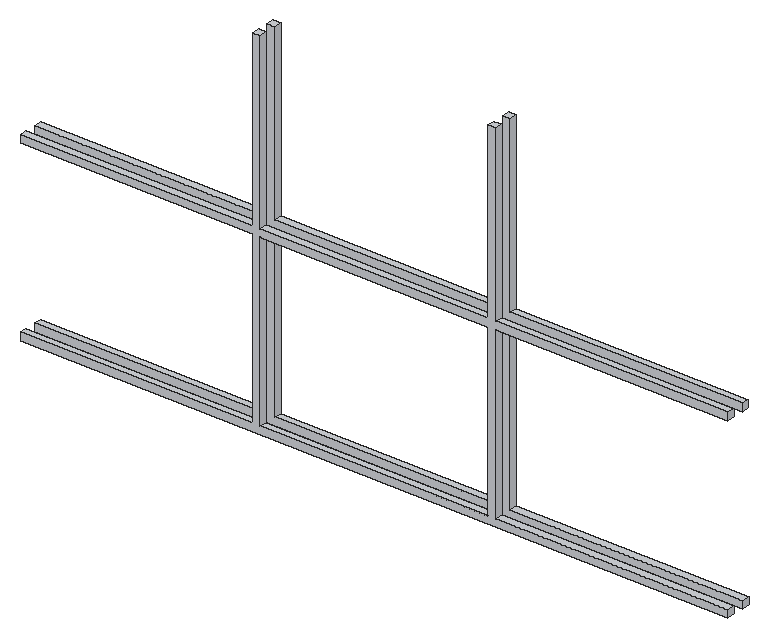
Revit family "38d4c45e35dc48f8956cfca9ae8e8d58", category Generic Models, Revit 2021
Family settings
  Can host rebar = No
  Round Connector Dimension = Use Diameter
  Part Type = Normal
  Work Plane-Based = No
  Always vertical = Yes
  Cut with Voids When Loaded = No
  Shared = Yes
  Room Calculation Point = No
Parameters
  Width [instance] = 4' - 0"
  Thickness = 0' - 0 1/2"
  Height [instance] = 4' - 0"
  Interior Material [instance] = none
  Exterior Material [instance] = none
  Distance = 0' - 0 3/4"
  Default Elevation = 0' - 0"
Reference planes (in)
  plane 1 "Center (Front/Back)": y = 0
  plane 2: z = 0
  plane 3 "Center (Left/Right)": x = 0
  plane 4: z = 48
  plane 5: x = -24
  plane 6: x = 24
  plane 7 "a": y = 0.375
  plane 8 "b": y = -0.375
  plane 9: z = 24
  plane 10: x = -8
  plane 11: x = -8.25
  plane 12: x = -7.75
  plane 13: x = 8
  plane 14: x = 7.75
  plane 15: x = 8.25
  plane 16: z = 36
  plane 17: z = 24.25
  plane 18: z = 23.75
  plane 19: z = 36.25
  plane 20: z = 35.75
  plane 21: y = 0.875
  plane 22: y = -0.875
Forms (in)
  Extrusion 1, solid, material <- "Exterior Material", detail levels fine
    sketch origin (0, 0, 0) x (1, 0, 0) y (0, 0, 1)
      loop
        line (-24, 36.25) -> (-24, 35.75) -> (-8.25, 35.75) -> (-8.25, 24.25) -> (-24, 24.25) -> (-24, 23.75) -> (7.75, 23.75) -> (24, 23.75) -> (24, 24.25) -> (8.25, 24.25) -> (8.25, 35.75) -> (24, 35.75) -> (24, 36.25) -> (8.25, 36.25) -> (8.25, 48) -> (7.75, 48) -> (7.75, 36.25) -> (-7.75, 36.25) -> (-7.75, 48) -> (-8.25, 48) -> (-8.25, 36.25) -> (-24, 36.25)
      loop
        line (-7.75, 35.75) -> (-7.75, 24.25) -> (7.75, 24.25) -> (7.75, 35.75) -> (-7.75, 35.75)
    from -0.875 to -0.375
  Extrusion 2, solid, material <- "Interior Material", detail levels fine
    sketch origin (0, 0, 0) x (1, 0, 0) y (0, 0, -1)
      loop
        line (-24, -36.25) -> (-8.25, -36.25) -> (-8.25, -48) -> (-7.75, -48) -> (-7.75, -36.25) -> (7.75, -36.25) -> (7.75, -48) -> (8.25, -48) -> (8.25, -36.25) -> (24, -36.25) -> (24, -35.75) -> (8.25, -35.75) -> (8.25, -24.25) -> (24, -24.25) -> (24, -23.75) -> (7.75, -23.75) -> (-24, -23.75) -> (-24, -24.25) -> (-8.25, -24.25) -> (-8.25, -35.75) -> (-24, -35.75) -> (-24, -36.25)
      loop
        line (-7.75, -35.75) -> (7.75, -35.75) -> (7.75, -24.25) -> (-7.75, -24.25) -> (-7.75, -35.75)
    from -0.875 to -0.375
Lines and regions (in)
  model lines, detail levels medium
    curve 1: line (-24, 0.375, 24) -> (24, 0.375, 24)
    curve 6: line (-24, -0.375, 24) -> (24, -0.375, 24)
  model lines, style "GenericModel", detail levels medium
    curve 2: line (-8, 0.375, 48) -> (-8, 0.375, 24)
    curve 3: line (8, 0.375, 48) -> (8, 0.375, 24)
    curve 4: line (-24, 0.375, 36) -> (24, 0.375, 36)
    curve 5: line (-24, -0.375, 36) -> (24, -0.375, 36)
    curve 7: line (8, -0.375, 48) -> (8, -0.375, 24)
    curve 8: line (-8, -0.375, 48) -> (-8, -0.375, 24)
Dimensions and locks (in)
  equal spacing: plane 6, plane 3 "Center (Left/Right)", plane 5
  "Width": plane 6 to plane 5
  "Height": plane 4 to plane 2
  equal spacing: plane 7 "a", plane 1 "Center (Front/Back)", plane 8 "b"
  "Distance": plane 7 "a" to plane 8 "b"
  plane 12 to plane 10 to plane 11 = 0' - 0 1/4" locked, 0' - 0 1/4" locked
  equal spacing: plane 6, plane 13, plane 10, plane 5
  plane 14 to plane 13 = 0' - 0 1/4"
  plane 15 to plane 13 = 0' - 0 1/4"
  equal spacing: plane 4, plane 16, plane 9
  plane 17 to plane 9 to plane 18 = 0' - 0 1/4" locked, 0' - 0 1/4" locked
  plane 19 to plane 16 to plane 20 = 0' - 0 1/4" locked, 0' - 0 1/4" locked
  equal spacing: plane 4, plane 9, plane 2
  "Thickness": plane 21 to plane 7 "a"
  "Thickness": plane 8 "b" to plane 22
  aligned and locked: plane 2 to level
  aligned and locked: plane 5 to curve 1
  aligned and locked: plane 6 to curve 1
  aligned and locked: curve 1 to plane 9
  aligned and locked: curve 2 to plane 10
  aligned and locked: curve 3 to plane 13
  aligned and locked: curve 4 to plane 16
  aligned and locked: Extrusion 1 sketch curve to plane 19
  aligned and locked: Extrusion 1 sketch curve to plane 20
  aligned and locked: Extrusion 1 sketch curve to plane 11
  aligned and locked: Extrusion 1 sketch curve to plane 12
  aligned and locked: Extrusion 1 sketch curve to plane 14
  aligned and locked: Extrusion 1 sketch curve to plane 15
  aligned and locked: Extrusion 1 sketch curve to plane 17
  aligned and locked: Extrusion 1 sketch curve to plane 18
  aligned and locked: Extrusion 1 sketch curve to plane 5
  aligned and locked: Extrusion 1 sketch curve to plane 6
  aligned and locked: Extrusion 1 sketch curve to plane 4
  aligned and locked: Extrusion 1 to plane 7 "a"
  aligned and locked: Extrusion 1 to plane 21
  aligned and locked: Extrusion 2 to plane 5
  aligned and locked: plane 8 "b" to Extrusion 2
  aligned and locked: Extrusion 2 to plane 22
  aligned and locked: plane 6 to Extrusion 2
  aligned and locked: Extrusion 2 to plane 11
  aligned and locked: plane 12 to Extrusion 2
  aligned and locked: Extrusion 2 to plane 14
  aligned and locked: plane 15 to Extrusion 2
  aligned and locked: plane 19 to Extrusion 1
  aligned and locked: plane 19 to Extrusion 2
  aligned and locked: Extrusion 1 to plane 20
  aligned and locked: Extrusion 2 to plane 20
  aligned and locked: plane 4 to curve 8
  aligned and locked: plane 4 to curve 7
  aligned and locked: plane 5 to curve 5
  aligned and locked: plane 5 to curve 6
  aligned and locked: plane 6 to curve 5
  aligned and locked: plane 6 to curve 6
  aligned and locked: plane 9 to curve 8
  aligned and locked: plane 9 to curve 7
Automatic sketch dimensions
  Extrusion 1 sketch curve to plane 5 = 0' - 0"
  plane 11 to Extrusion 1 sketch curve = 0' - 0"
  plane 12 to Extrusion 1 sketch curve = 0' - 0"
  plane 14 to Extrusion 1 sketch curve = 0' - 0"  (x2)
  plane 15 to Extrusion 1 sketch curve = 0' - 0"
  Extrusion 1 sketch curve to plane 6 = 0' - 0"
  Extrusion 1 sketch curve to plane 17 = 0' - 0"  (x2)
  Extrusion 1 sketch curve to plane 20 = 0' - 0"  (x2)
  Extrusion 1 sketch curve to plane 19 = 0' - 0"  (x2)
  Extrusion 1 sketch curve to plane 4 = 0' - 0"
  Extrusion 2 sketch curve to plane 5 = 0' - 0"  (x2)
  Extrusion 2 sketch curve to plane 11 = 0' - 0"  (x2)
  Extrusion 2 sketch curve to plane 4 = 0' - 0"  (x2)
  Extrusion 2 sketch curve to plane 12 = 0' - 0"  (x2)
  Extrusion 2 sketch curve to plane 14 = 0' - 0"  (x3)
  Extrusion 2 sketch curve to plane 15 = 0' - 0"  (x2)
  Extrusion 2 sketch curve to plane 6 = 0' - 0"  (x2)
  Extrusion 2 sketch curve to plane 19 = 0' - 0"  (x3)
  Extrusion 2 sketch curve to plane 20 = 0' - 0"  (x3)
  Extrusion 2 sketch curve to plane 17 = 0' - 0"  (x3)
  Extrusion 2 sketch curve to plane 18 = 0' - 0"
  curve 4 to plane 6 = 0' - 0"
  curve 4 to plane 5 = 0' - 0"
  curve 3 to plane 4 = 0' - 0"
  curve 2 to plane 4 = 0' - 0"
  curve 7 to plane 13 = 0' - 0"
  curve 8 to plane 10 = 0' - 0"
  curve 5 to plane 16 = 0' - 0"
